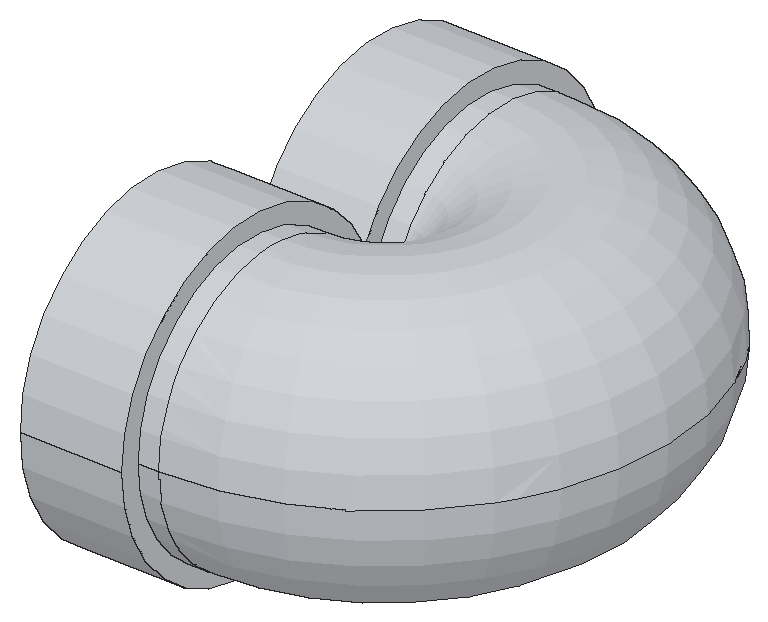
Revit family "M_Padrão fechado da curva do retorno - Rosqueada - MI - Classe 300", category Conexões de tubo, Revit 2019
Family settings
  Cota do conector redondo = Usar raio
  Tipo de parte = Múltiplas portas
  Número OmniClass = 23.60.30.11.14
  Título OmniClass = Pipework Fittings
  ID de item do Seek = Return Bend Closed-Pattern - Threaded - MI - Class 300-0000-CAN-ENU
  Com base no plano de trabalho = Não
  Sempre na vertical = Sim
  Corte com vazios quando carregada = Não
  Compartilhado = Não
Parameters (values of type "Padrão")
  Tamanho da marca de revisão [instance] = Diâmetro externo da conexão * 0.4  # 17.44 mm
  Comprimento da rosca [instance] = size_lookup(Nome da tabela de pesquisa, "TLgt", 0.24 * Diâmetro nominal + 12.998 mm, Diâmetro nominal)  # 19.1 mm
  Raio nominal [instance] = 12.5 mm
  Diâmetro nominal [instance] = Raio nominal * 2  # 25 mm
  Espessura do Metal [instance] = size_lookup(Nome da tabela de pesquisa, "MThk", 0.06 * Diâmetro nominal + 3.671 mm, Diâmetro nominal)  # 5.1 mm
  Método de perda = Não definido
  Nome da tabela de pesquisa = "M_Return Bend Closed-Pattern - Threaded - MI - Class 300"
  Comprimento 1 [instance] = Diâmetro interno da conexão + 2 * Espessura do Metal + 0.794 mm  # 44.394 mm
  Meio centro ao centro [instance] = 0.5 * Centro ao centro  # 22.25 mm
  Raio externo da conexão [instance] = Diâmetro externo da conexão / 2  # 21.8 mm
  Diâmetro externo da conexão [instance] = Diâmetro interno da conexão + Espessura do Metal * 2  # 43.6 mm
  Diâmetro interno da conexão [instance] = size_lookup(Nome da tabela de pesquisa, "FID", 1.05 * Diâmetro nominal + 7.541 mm, Diâmetro nominal)  # 33.4 mm
  Centro ao centro [instance] = if(Centro ao centro 1 > Diâmetro interno da conexão + 2 * Espessura do Metal, Centro ao centro 1, Comprimento 1)  # 44.5 mm
  Centro ao centro 1 [instance] = size_lookup(Nome da tabela de pesquisa, "CtC", 2.31 * Diâmetro nominal - 14.883 mm, Diâmetro nominal)  # 44.5 mm
  Largura da fita [instance] = size_lookup(Nome da tabela de pesquisa, "BWid", 0.21 * Diâmetro nominal + 10.517 mm, Diâmetro nominal)  # 15.8 mm
  Raio externo da fita [instance] = Diâmetro externo da fita / 2  # 24.75 mm
  Diâmetro externo da fita 1 [instance] = size_lookup(Nome da tabela de pesquisa, "BOD", 1.31 * Diâmetro nominal + 17.165 mm, Diâmetro nominal)  # 49.5 mm
  Diâmetro externo da fita [instance] = if(Diâmetro externo da fita 1 < Centro ao centro, Centro ao centro, Diâmetro externo da fita 1)  # 49.5 mm
Reference planes
  plane 1 "Centro (Frente/Trás)": y = 0
  plane 2: z = 0
  plane 3 "Centro (Esquerda/Direita)": x = 0
  plane 4: y = -44.5
  plane 5: x = 15.8
  plane 6: x = 19.1
  plane 7: y = -22.25
Forms (mm)
  Sweep 1, solid, detail levels fine
    path origin (0, 0, 0) x (1, 0, 0) y (0, 1, 0)
      loop
        line (0, 0) -> (15.8, 0)
    profile origin (7.9, 0, 0) x (0, 1, 0) y (0, 0, 1)
      loop
        circle (0, 0) r 24.75
  Sweep 2, solid, detail levels fine
    path origin (0, 0, 0) x (1, 0, 0) y (0, 1, 0)
      loop
        line (0, -44.5) -> (15.8, -44.5)
    profile origin (7.9, -44.5, 0) x (0, 1, 0) y (0, 0, 1)
      loop
        circle (0, 0) r 24.75
  Sweep 3, solid, detail levels fine
    path origin (0, 0, 0) x (1, 0, 0) y (0, 1, 0)
      loop
        line (15.8, 0) -> (19.1, 0)
        arc (19.1, 0) -> (41.35, -22.25) -> (19.1, -44.5) r 22.25
        line (19.1, -44.5) -> (15.8, -44.5)
    profile origin (41.35, -22.25, 0) x (1, 0, 0) y (0, 0, 1)
      loop
        circle (0, 0) r 21.8
Cuts and joins
  joined: Sweep 1, Sweep 2, Sweep 3
Lines and regions (mm)
  model lines, detail levels coarse+medium
    curve 1: line (0, -44.5, 0) -> (19.1, -44.5, 0)
    curve 2: line (0, 0, 0) -> (19.1, 0, 0)
    curve 3: arc (19.1, 0, 0) -> (41.35, -22.25, 0) -> (19.1, -44.5, 0) r 22.25
    curve 4: line (0, 17.44, 0) -> (0, -17.44, 0)
    curve 5: line (0, -27.06, 0) -> (0, -61.94, 0)
Dimensions and locks
  "Centro ao centro": plane 4 to plane 1 "Centro (Frente/Trás)"
  "Largura da fita": plane 3 "Centro (Esquerda/Direita)" to plane 5
  "Comprimento da rosca": plane 3 "Centro (Esquerda/Direita)" to plane 6
  equal spacing: plane 4, plane 7, plane 1 "Centro (Frente/Trás)"
  "Tamanho da marca de revisão": curve 4 to curve 2  (x2)
  "Tamanho da marca de revisão": curve 5 to curve 1
  "Tamanho da marca de revisão": curve 1 to curve 5
  "Raio externo da fita": radius of Sweep 1 sketch curve
  "Raio externo da fita": radius of Sweep 2 sketch curve
  "Meio centro ao centro": radius of Sweep 3 sketch curve
  "Raio externo da conexão": radius of Sweep 3 sketch curve
  "Meio centro ao centro": radius of curve 3
  aligned and locked: plane 3 "Centro (Esquerda/Direita)" to Sweep 1 sketch curve
  aligned and locked: plane 5 to Sweep 1 sketch curve
  aligned and locked: plane 1 "Centro (Frente/Trás)" to Sweep 1 sketch curve  (x2)
  aligned and locked: plane 2 to Sweep 1 sketch curve
  aligned and locked: plane 3 "Centro (Esquerda/Direita)" to Sweep 2 sketch curve
  aligned and locked: Sweep 2 sketch curve to plane 4
  aligned and locked: plane 2 to Sweep 2 sketch curve
  aligned and locked: plane 4 to Sweep 2 sketch curve
  aligned and locked: plane 7 to Sweep 3 sketch curve
  aligned and locked: plane 6 to Sweep 3 sketch curve
  aligned and locked: Sweep 1 to Sweep 3 sketch curve
  aligned and locked: plane 1 "Centro (Frente/Trás)" to Sweep 3 sketch curve
  aligned and locked: Sweep 2 to Sweep 3 sketch curve
  aligned and locked: Sweep 3 sketch curve to plane 4
  aligned and locked: plane 7 to curve 3
  aligned and locked: plane 6 to curve 3
  aligned and locked: plane 1 "Centro (Frente/Trás)" to curve 2
  aligned and locked: curve 1 to plane 4
  aligned and locked: curve 4 to plane 3 "Centro (Esquerda/Direita)"
  aligned and locked: curve 5 to plane 3 "Centro (Esquerda/Direita)"
  aligned and locked: plane 6 to curve 2
  aligned and locked: plane 6 to curve 1
Automatic sketch dimensions
  Sweep 2 sketch curve to plane 5 = 0 mm
  Sweep 3 sketch curve to level = 0 mm
  profile plane to Sweep 3 sketch curve = 0 mm
Connectors
  piping at (0, 0, 0), diameter 25, driven by "Raio nominal"
    settings: on Sweep 1, index 1, connector inside diameter 25 mm, connector length 0 mm, flow factor 0, pipe flow 0.0 L/s, pressure drop 0.0 Pa, fitting loss kfactor 0, connector angle 0.00°, fixture units 0, engagement length 0 mm, angle of deflection 0.00°, flow configuration 0, flow direction 0, fitting loss method 0, system type 28, joint type 0, gender type 0, connector reference index 2, connector utility 0, adjustable connector no, is connector primary yes, connector description ""
  piping at (0, -44.5, 0), diameter 25, driven by "Raio nominal"
    settings: on Sweep 2, index 2, connector inside diameter 25 mm, connector length 0 mm, flow factor 0, pipe flow 0.0 L/s, pressure drop 0.0 Pa, fitting loss kfactor 0, connector angle 0.00°, fixture units 0, engagement length 0 mm, angle of deflection 0.00°, flow configuration 0, flow direction 0, fitting loss method 0, system type 28, joint type 0, gender type 0, connector reference index 1, connector utility 0, adjustable connector no, is connector primary no, connector description ""
